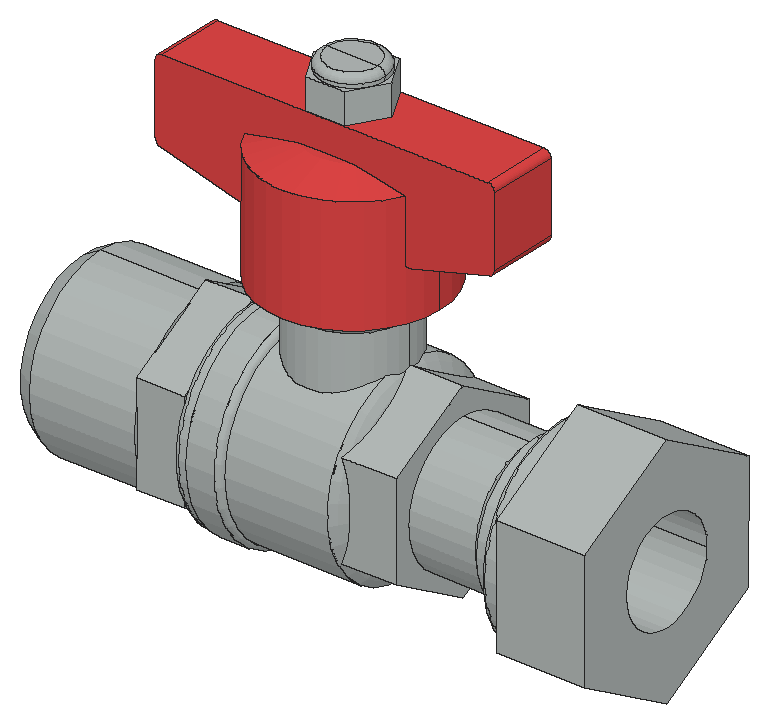
Revit family "QD00400000", category Apparecchi idraulici, Revit 2020
Family settings
  Quota connettore circolare = Usa diametro
  Tipo di parte = Normale
  Numero OmniClass = 23.45.00.00
  Titolo OmniClass = Sanitary, Laundry, and Cleaning Equipment
  Basato su piano di lavoro = No
  Sempre verticale = Sì
  Taglio con vuoti quando caricato = No
  Condiviso = No
  Punto di calcolo locali = No
Parameters
  URL = "https://web.cimberio.com/index.php/figura/186?subcategoria_id="
  Temperatura di esercizio = "-20 ÷ 65°C (servizio continuo) 90°C (picchi di 1h) secondo EN 13959"
  Prospetto di default = 0 mm
  Produttore = "CIMBERIO SPA"
  Pressione nominale = "PN 80 (DN15); PN 50 (DN20)"
  Pressione d'esercizio = "16 bar"
  Modello = "Cim 205NR"
  Materiale = "Prodotto in lega di ottone conforme alla norma EN 12165-CW617N-DW"
  Descrizione = "Utilizzato nei più svariati settori dell'impiantistica: reti di distribuzione acqua potabile, impianti di riscaldamento, condizionamento, igienico-sanitari e in generale con ogni fluido non corrosivo"
  DN Model [instance] = QD00402124 : QD00402124
  DN [instance] = 15 mm
  Commenti sul tipo = "Realizzato in ottemperanza ai requisiti gestionali della norma EN ISO 9001.\r\nCollaudato al 100% secondo la normativa EN 12266-1"
Reference planes
  plane 1 "Centro (Fronte/Retro)": y = 0
  plane 2: z = 0
  plane 3 "Centro (Sinistra/Destra)": x = 0
Dimensions and locks
  aligned and locked: level to plane 2
Nested families
  nested 1: "QD00402124" at (0, 0, 0), type <- "DN Model", type "QD00402124"
  nested 2: "QD00402124" at (0, 0, 0), type <- "DN Model", type "QD00402124"
  nested 3: "QD00402124" at (0, 0, 0), type <- "DN Model", type "QD00402124"
  nested 4: "QD00402124" at (0, 0, 0), type <- "DN Model", type "QD00402124"
Connectors
  piping at (46.2, 0, 0), diameter 15, driven by "DN"
    settings: on nested 1, index 1, connector inside diameter 609.6 mm, connector length 0 mm, flow factor 0, pipe flow 0.0 L/s, pressure drop 0.0 Pa, fitting loss kfactor 0, connector angle 0.00°, fixture units 0, engagement length 0 mm, angle of deflection 0.00°, flow configuration 0, flow direction 0, fitting loss method 0, system type 7, joint type 0, gender type 0, connector reference index -1, connector utility 0, adjustable connector no, is connector primary yes, connector description ""
  piping at (-39.6, 0, 0), diameter 15, driven by "DN"
    settings: on nested 1, index 2, connector inside diameter 609.6 mm, connector length 0 mm, flow factor 0, pipe flow 0.0 L/s, pressure drop 0.0 Pa, fitting loss kfactor 0, connector angle 0.00°, fixture units 0, engagement length 0 mm, angle of deflection 0.00°, flow configuration 0, flow direction 0, fitting loss method 0, system type 7, joint type 0, gender type 0, connector reference index -1, connector utility 0, adjustable connector no, is connector primary no, connector description ""
Definition of nested family "QD00402124"
  Parameters (values of type "QD00402124")
    URL = "https://web.cimberio.it/index.php/figura/394?subcategoria_id="
    Temperatura di esercizio = "-10 ÷ 95°C"
    Default Elevation = 0 mm
    Manufacturer = "CIMBERIO SPA"
    Pressione nominale = "PN 16"
    Model = "Cim 32"
    Materiale = "Prodotto in lega di ottone conforme alla norma EN 12165-CW617N-DW"
    Description = "Impiegato nei più svariati settori dell'impiantistica in condutture anti-ritorno per: reti di distribuzione acqua potabile, impianti di riscaldamento, condizionamento, igienico-sanitari e in generale con ogni fluido non corrosivo."
    Type Comments = "Realizzato in ottemperanza ai requisiti gestionali della norma EN ISO 9001.\r\nCollaudato al 100% secondo la normativa EN 12266-1"
  Reference planes
    plane 1 "Centro (Fronte/Retro)": y = 0
    plane 2: z = 0
    plane 3 "Centro (Sinistra/Destra)": x = 0
  Forms (mm)
    Revolve 1, solid
      sketch origin (0, 0, 0) x (1, 0, 0) y (0, 0, 1)
        loop
          line (-12.6, 14.75) -> (-13.886, 14.75)
          arc (-13.886, 14.75) -> (-14.391, 14.541) -> (-14.6, 14.036) r 0.714
          line (-14.6, 14.036) -> (-14.6, 7.5) -> (-12.6, 7.5) -> (-12.6, 14.75)
        axis (-14.6, 0) -> (-12.6, 0)
      angle from 0 to 360
    Revolve 2, solid
      sketch origin (0, 0, 0) x (1, 0, 0) y (0, 0, 1)
        loop
          line (-12.6, -15) -> (-8.453, -15)
          arc (-8.453, -15) -> (-7.862, -14.806) -> (-7.5, -14.3) r 1
          line (-7.5, -14.3) -> (7.7, -14.3)
          arc (7.7, -14.3) -> (9.549, -11.151) -> (9.473, -7.5) r 6.705
          line (9.473, -7.5) -> (-12.6, -7.5) -> (-12.6, -15)
        axis (-12.6, 0) -> (9.473, 0)
      angle from 0 to 360
    Extrusion 3, solid
      sketch origin (0, 0, 0) x (0, 1, 0) y (0, 0, 1)
        loop
          circle (0, 0) r 7.5
        loop
          line (0, 14) -> (-12.124, 7) -> (-12.124, -7) -> (0, -14) -> (12.124, -7) -> (12.124, 7) -> (0, 14)
      from 7.682 to 16.151
    Extrusion 4, solid
      sketch origin (-38, 0, 0) x (0, 1, 0) y (0, 0, 1)
        loop
          circle (0, 0) r 7.5
        loop
          line (0, 14.75) -> (-12.774, 7.375) -> (-12.774, -7.375) -> (0, -14.75) -> (12.774, -7.375) -> (12.774, 7.375) -> (0, 14.75)
      from 16.4 to 23.4
    Revolve 5, solid
      sketch origin (0, 0, 0) x (1, 0, 0) y (0, 0, 1)
        loop
          line (26, 10) -> (16.151, 10) -> (16.151, 7.5) -> (30.7, 7.5) -> (30.7, 11.1) -> (27.136, 11.1)
          arc (27.136, 11.1) -> (26.695, 10.419) -> (26, 10) r 1.808
        axis (16.151, 0) -> (30.7, 0)
      angle from 0 to 360
    Revolve 6, solid
      sketch origin (0, 0, 0) x (1, 0, 0) y (0, 0, 1)
        loop
          line (30.7, 7.5) -> (33.2, 7.5) -> (33.2, 14.75) -> (31.216, 14.75)
          arc (31.216, 14.75) -> (30.851, 14.599) -> (30.7, 14.234) r 0.516
          line (30.7, 14.234) -> (30.7, 7.5)
        axis (30.7, 0) -> (33.2, 0)
      angle from 0 to 360
    Extrusion 7, solid
      sketch origin (0, 0, 0) x (0, 1, 0) y (0, 0, 1)
        loop
          circle (0, 0) r 7.5
        loop
          line (0, 17.4) -> (-15.069, 8.7) -> (-15.069, -8.7) -> (0, -17.4) -> (15.069, -8.7) -> (15.069, 8.7) -> (0, 17.4)
      from 33.2 to 46.2
    Revolve 8, solid
      sketch origin (0, 0, 0) x (1, 0, 0) y (0, 0, 1)
        loop
          line (-9, 26.168) -> (-9, 20.867)
          arc (-9, 20.867) -> (-8.866, 20.366) -> (-8.5, 20) r 1
          line (-8.5, 20) -> (-8.5, 11.674) -> (-0.999, 11.674) -> (-0.999, 26.168) -> (-9, 26.168)
        axis (-0.063, 26.168) -> (-0.063, 11.674)
      angle from 0 to 360
    Revolve 9, solid
      sketch origin (0, 0, 0) x (1, 0, 0) y (0, 0, 1)
        loop
          line (-12.882, 22.8) -> (0, 22.8) -> (0, 41.574)
          arc (0, 41.574) -> (-6.528, 41.282) -> (-12.882, 39.754) r 34.224
          line (-12.882, 39.754) -> (-12.882, 22.8)
        axis (0, 41.574) -> (0, 22.8)
      angle from 0 to 360
    Revolve 10, solid
      sketch origin (0, 0, 0) x (1, 0, 0) y (0, 0, 1)
        loop
          line (0, 49.392) -> (4.75, 49.392) -> (4.75, 50.768)
          arc (4.75, 50.768) -> (4.448, 51.498) -> (3.718, 51.8) r 1.032
          line (3.718, 51.8) -> (0, 51.8) -> (0, 49.392)
        axis (0, 51.8) -> (0, 49.392)
      angle from 0 to 360
    Extrusion 11, solid
      sketch origin (0, 0, 0) x (1, 0, 0) y (0, 0, 1)
        loop
          arc (-24, 45.8) -> (-24.707, 45.507) -> (-25, 44.8) r 1
          line (-25, 44.8) -> (-25, 34.567)
          arc (-25, 34.567) -> (-24.793, 33.959) -> (-24.259, 33.601) r 1
          line (-24.259, 33.601) -> (-12.721, 30.51) -> (12.721, 30.51) -> (24.259, 33.601)
          arc (24.259, 33.601) -> (24.793, 33.959) -> (25, 34.567) r 1
          line (25, 34.567) -> (25, 44.8)
          arc (25, 44.8) -> (24.707, 45.507) -> (24, 45.8) r 1
          line (24, 45.8) -> (-24, 45.8)
      from -5.184 to 5.128
    Extrusion 12, solid
      sketch origin (0, 0, 0) x (1, 0, 0) y (0, 1, 0)
        loop
          line (5.771, 0) -> (2.886, 4.998) -> (-2.886, 4.998) -> (-5.771, 0) -> (-2.886, -4.998) -> (2.886, -4.998) -> (5.771, 0)
      from 45.8 to 50.3
    Revolve 13, solid
      sketch origin (0, 0, 0) x (1, 0, 0) y (0, 0, 1)
        loop
          line (-21.6, 7.5) -> (-21.6, 13.175) -> (-37.1, 13.175) -> (-39.6, 11.732) -> (-39.6, 7.5) -> (-21.6, 7.5)
        axis (-39.6, 0) -> (-21.6, 0)
      angle from 0 to 360
  Dimensions and locks
    aligned and locked: level to plane 2
